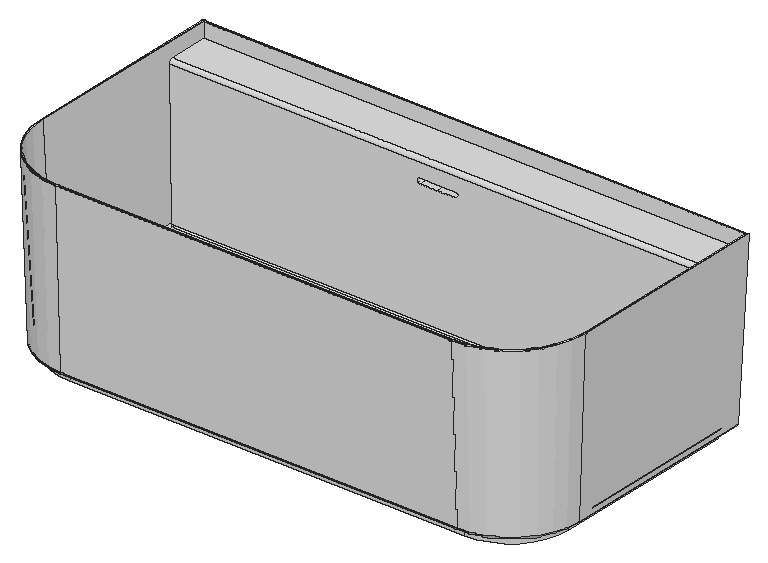
Revit family "Reece_Bath_LAUFEN_Sonar_Back to Wall Bath_1600 mm", category Plumbing Fixtures, Revit 2018
Family settings
  Round Connector Dimension = Use Diameter
  Part Type = Normal
  Work Plane-Based = Yes
  Always vertical = Yes
  Cut with Voids When Loaded = Yes
  Shared = Yes
  Room Calculation Point = Yes
Parameters (values of type "270 ltr_Sentec Solid Surface_White")
  URL = "https://www.reece.com.au/product/-9510104"
  Type Comments = "Bath"
  Reece_Product_Web Page = "https://www.reece.com.au/product/-9510104"
  Reece_Product_Type = "Bath"  # constant formula
  Reece_Product_Sub Brand = "Sonar"  # constant formula
  Reece_Product_Number = "9510104"
  Reece_Product_Mount = "Floor Mounted"
  Reece_Product_Description = "LAUFEN Sonar Freestanding Back to Wall Bath with Overflow Plug & Waste 1600 x 815 Sentec White"
  Reece_Product_Brand = "LAUFEN"  # constant formula
  Reece_Overall_Width = 815 mm  # constant formula
  Reece_Overall_Length = 1600 mm  # constant formula
  Reece_Overall_Height = 535 mm  # constant formula
  Reece_Overall_Capacity = 270 L  # constant formula
  Reece_Material_Main = Reece_Sentec_Solid_Surface_White
  Reece_Detail_Shape = ""
  Reece_Detail_Installation = ""
  Reece_Detail_Disclaimer = "THIS FILE IS THE PROPERTY OF THE REECE GROUP. IT MAY NOT BE REPRODUCED, REVERSE-ENGINEERED OR MODIFIED. ANY REPUBLICATION, TRANSMISSION OR DISTRIBUTION FOR THE PURPOSE OF COMMERCIALLY EXPLOITING THE FILES IS PROHIBITED."  # constant formula
  Reece_Detail_Connector = ""
  Reece_Detail_Additional = "Back to Wall Bath"  # constant formula
  Reece_Bath_Outlet = 52 mm  # constant formula
  Reece_Bath_Lip = 42.2 mm  # constant formula
  Model = "Sonar"
  Manufacturer = "LAUFEN"
  Keynote = "Product #9510104, Reece_Bath_LAUFEN_Sonar_Back to Wall Bath_1600 mm - 270 ltr_Sentec Solid Surface_White"
  Disclaimer = "THIS FILE IS THE PROPERTY OF THE REECE GROUP. IT MAY NOT BE REPRODUCED, REVERSE-ENGINEERED OR MODIFIED. ANY REPUBLICATION, TRANSMISSION OR DISTRIBUTION FOR THE PURPOSE OF COMMERCIALLY EXPLOITING THE FILES IS PROHIBITED."  # constant formula
  Description = "LAUFEN Sonar Back to Wall Freestanding Bath with Overflow and Plug & Waste 1600 x 815 Sentec White"
  Default Elevation = 0 mm
Reference planes
  plane 1 "Center (Front/Back)": y = 0
  plane 2 "Bottom Host Plane": z = 0
  plane 3 "Center (Left/Right)": x = 0
  plane 4: x = -800
  plane 5: y = 407.5
  plane 6: y = -407.5
  plane 7: x = 800
  plane 8: z = 492.8
  plane 9 "Top Host Plane": z = 535
  plane 10: y = 272.5
  plane 11: x = -760
  plane 12: x = 760
  plane 13: z = 75
  plane 14: y = 127.5
  plane 15: y = -368.895
  plane 16: y = 246.105
Forms (mm)
  Sweep 1, solid, material "Reece_Sentec_Solid_Surface_White" <- "Reece_Material_Main"
    path origin (0, 0, 0) x (1, 0, 0) y (0, 1, 0)
      loop
        line (-800, 407.5) -> (-800, -187.5)
        arc (-800, -187.5) -> (-735.563, -343.063) -> (-580, -407.5) r 220
        line (-580, -407.5) -> (580.872, -407.5)
        arc (580.872, -407.5) -> (735.819, -343.319) -> (800, -188.372) r 219.128
        line (800, -188.372) -> (800, 407.5) -> (-800, 407.5)
    profile origin (-800, 110, 0) x (1, 0, 0) y (0, 0, 1)
      loop
        arc (17.663, 33.838) -> (18.694, 31.223) -> (21.141, 29.84) r 4.21
        line (21.141, 29.84) -> (40, 26.524) -> (40, 75) -> (38.605, 75)
        arc (38.605, 75) -> (33.727, 77.463) -> (31.608, 82.499) r 7.915
        arc (31.608, 82.499) -> (19.623, 308.376) -> (4.466, 534.063) r 16097.381
        arc (4.466, 534.063) -> (4.145, 534.73) -> (3.457, 535) r 1.012
        line (3.457, 535) -> (1.006, 535)
        arc (1.006, 535) -> (0.252, 534.667) -> (-0.011, 533.885) r 1.022
        line (-0.011, 533.885) -> (17.663, 33.838)
  Extrusion 2, solid, material "Reece_Sentec_Solid_Surface_White" <- "Reece_Material_Main"
    sketch origin (0, 0, 0) x (0, 1, 0) y (0, 0, 1)
      loop
        arc (249.16, 79.102) -> (248.247, 76.594) -> (246.105, 75.002) r 4.649
        line (246.105, 75.002) -> (246.105, 27.774) -> (385.146, 27.774) -> (402.917, 492.8) -> (284.4, 492.8)
        arc (284.4, 492.8) -> (275.99, 489.316) -> (272.506, 480.906) r 11.894
        line (272.506, 480.906) -> (249.16, 79.102)
    from -845.44 to 864.162
  Revolve 3, void
    sketch origin (0, 0, -17.393) x (0, 1, 0) y (0, 0, 1)
      loop
        line (127.5, 17.393) -> (127.5, 92.393) -> (96.5, 92.393)
        arc (96.5, 92.393) -> (100.036, 90.929) -> (101.5, 87.393) r 5
        line (101.5, 87.393) -> (101.5, 17.393) -> (127.5, 17.393)
      axis (127.5, 92.393) -> (127.5, 17.393)
    angle from 0 to 360
  Sweep 4, solid, material "Reece_Sentec_Solid_Surface_White" <- "Reece_Material_Main"
    path origin (0, 0, 0) x (1, 0, 0) y (0, 1, 0)
      loop
        line (-760, 367.5) -> (-760, -187.5)
        arc (-760, -187.5) -> (-707.279, -314.779) -> (-580, -367.5) r 180
        line (-580, -367.5) -> (580.872, -367.5)
        arc (580.872, -367.5) -> (707.535, -315.035) -> (760, -188.372) r 179.128
        line (760, -188.372) -> (760, 367.5) -> (-760, 367.5)
    profile origin (-760, 90, 0) x (1, 0, 0) y (0, 0, 1)
      loop
        line (9.068, 0.003) -> (15, 0.003) -> (15, 27.774) -> (0, 27.774) -> (0, 26.524)
        arc (0, 26.524) -> (4.986, 24.452) -> (7.34, 19.592) r 7.604
        line (7.34, 19.592) -> (9.068, 0.003)
  Extrusion 5, solid, material "Reece_Sentec_Solid_Surface_White" <- "Reece_Material_Main"
    sketch origin (0, 0, 0) x (1, 0, 0) y (0, 1, 0)
      loop
        arc (-745, -187.5) -> (-696.673, -304.173) -> (-580, -352.5) r 165
        line (-580, -352.5) -> (580.872, -352.5)
        arc (580.872, -352.5) -> (696.928, -304.428) -> (745, -188.372) r 164.128
        line (745, -188.372) -> (745, 352.5) -> (-745, 352.5) -> (-745, -187.5)
    from 0 to 27.774
  Extrusion 6, solid, material "Reece_Sentec_Solid_Surface_White" <- "Reece_Material_Main"
    sketch origin (0, 0, 0) x (1, 0, 0) y (0, 1, 0)
      loop
        arc (-760, -187.5) -> (-707.279, -314.779) -> (-580, -367.5) r 180
        line (-580, -367.5) -> (580.872, -367.5)
        arc (580.872, -367.5) -> (707.535, -315.035) -> (760, -188.372) r 179.128
        line (760, -188.372) -> (760, 292.5) -> (-760, 292.5) -> (-760, -187.5)
    from 26.524 to 75
  Extrusion 7, void
    sketch origin (0, 0, 0) x (1, 0, 0) y (0, 0, 1)
      loop
        line (-795.604, 535) -> (-905, 535) -> (-905, 0) -> (-764.808, 0)
        arc (-764.808, 0) -> (-777.98, 267.628) -> (-795.604, 535) r 16097.381
    from -491.255 to -169.813
  Extrusion 8, void
    sketch origin (0, 0, 0) x (-1, 0, 0) y (0, 0, -1)
      loop
        arc (-795.604, -535) -> (-777.98, -267.628) -> (-764.808, 0) r 16097.381
        line (-764.808, 0) -> (-905, 0) -> (-905, -535) -> (-795.604, -535)
    from -491.255 to -169.813
  Extrusion 9, void
    sketch origin (0, 0, 0) x (1, 0, 0) y (0, 0, 1)
      loop
        line (-2.429, 427.627) -> (52.318, 427.627)
        arc (52.318, 427.627) -> (59.818, 435.127) -> (52.318, 442.627) r 7.5
        line (52.318, 442.627) -> (-2.254, 442.627) -> (-52.318, 442.627)
        arc (-52.318, 442.627) -> (-59.818, 435.127) -> (-52.318, 427.627) r 7.5
        line (-52.318, 427.627) -> (-2.429, 427.627)
    from -292.559 to -246.532
  Revolve 10, solid, material "Reece_Sentec_Solid_Surface_White" <- "Reece_Material_Main"
    sketch origin (0, 0, 0) x (0, 1, 0) y (0, 0, 1)
      loop
        line (127.5, 75) -> (142.699, 75)
        arc (142.699, 75) -> (143.427, 75.302) -> (143.729, 76.03) r 1.03
        line (143.729, 76.03) -> (143.729, 77.686)
        arc (143.729, 77.686) -> (144.028, 78.409) -> (144.75, 78.708) r 1.022
        line (144.75, 78.708) -> (162.5, 78.708) -> (162.5, 81.019)
        arc (162.5, 81.019) -> (162.261, 81.967) -> (161.602, 82.688) r 2
        arc (161.602, 82.688) -> (150.083, 88.08) -> (137.5, 89.929) r 43.734
        line (137.5, 89.929) -> (127.5, 89.929) -> (127.5, 75)
      axis (127.5, 89.929) -> (127.5, 75)
    angle from 0 to 360
  Revolve 11, solid, material "Reece_Sentec_Solid_Surface_White" <- "Reece_Material_Main"
    sketch origin (0, 0, 0) x (0, 1, 0) y (0, 0, 1)
      loop
        line (127.5, 71.913) -> (127.5, 69.314) -> (142.93, 69.314) -> (142.93, 67.619) -> (146.949, 67.619) -> (150.391, 75) -> (160.391, 75) -> (160.391, 76.445) -> (148.32, 76.445)
        arc (148.32, 76.445) -> (147.245, 76.132) -> (146.507, 75.29) r 2
        line (146.507, 75.29) -> (144.933, 71.913) -> (127.5, 71.913)
      axis (127.5, 76.445) -> (127.5, 67.619)
    angle from 0 to 360
Cuts and joins
  Revolve 3, Extrusion 9 cuts Sweep 1
  Revolve 3, Extrusion 7, Extrusion 8, Extrusion 9 cuts Extrusion 2
  Revolve 3, Extrusion 8 cuts Sweep 4
  Revolve 3, Extrusion 8 cuts Extrusion 5
  Revolve 3, Extrusion 8 cuts Extrusion 6
  joined: Sweep 1, Extrusion 2, Sweep 4, Extrusion 5, Extrusion 6
Text (mm)
  text "Reece ©" at (2643.059, -2102.993, 3270.761), in view "Reece Preview"
Dimensions and locks
  "Reece_Overall_Length": plane 4 to plane 7
  "Reece_Overall_Width": plane 5 to plane 6
  equal spacing: plane 6, plane 1 "Center (Front/Back)", plane 5
  equal spacing: plane 4, plane 3 "Center (Left/Right)", plane 7
  "Reece_Bath_Lip": plane 8 to plane 9 "Top Host Plane"
  plane 2 "Bottom Host Plane" to level = 0 mm
  "Reece_Overall_Height": plane 9 "Top Host Plane" to plane 2 "Bottom Host Plane"
  plane 7 to plane 4 = 1600 mm  (x2)
  plane 5 to plane 10 = 135 mm  (x2)
  plane 9 "Top Host Plane" to plane 13 = 460 mm  (x3)
  plane 5 to plane 14 = 280 mm  (x2)
  plane 3 "Center (Left/Right)" to plane 7 = 800 mm
  plane 11 to plane 12 = 1520 mm  (x2)
  plane 9 "Top Host Plane" to plane 2 "Bottom Host Plane" = 535 mm
  plane 5 to plane 6 = 815 mm
  plane 13 to plane 9 "Top Host Plane" = 460 mm
  plane 6 to plane 5 = 815 mm
  plane 14 to plane 5 = 280 mm
  plane 10 to plane 5 = 135 mm
  plane 16 to plane 15 = 615 mm  (x2)
  plane 15 to plane 16 = 615 mm
  plane 12 to plane 11 = 1520 mm
Automatic sketch dimensions
  Sweep 1 sketch curve to plane 4 = 0 mm
  plane 6 to Sweep 1 sketch curve = 0 mm
  Sweep 1 sketch curve to plane 7 = 0 mm
  Sweep 1 sketch curve to plane 5 = 0 mm
  plane 11 to Sweep 1 sketch curve = 180 mm
  plane 12 to Sweep 1 sketch curve = 179.128 mm
  Sweep 1 sketch curve to profile plane = 657.442 mm
  profile plane to Sweep 1 sketch curve = 16048.758 mm
  profile plane to Sweep 1 sketch curve = 0.011 mm
  Sweep 1 sketch curve to profile plane = 1.006 mm
  Sweep 1 sketch curve to Sweep 1 sketch curve = 2.45 mm
  Sweep 1 sketch curve to profile plane = 17.663 mm
  Sweep 1 sketch curve to Sweep 1 sketch curve = 3.479 mm
  Sweep 1 sketch curve to Sweep 1 sketch curve = 4.208 mm
  Sweep 1 sketch curve to profile plane = 38.605 mm
  Sweep 1 sketch curve to Sweep 1 sketch curve = 0.909 mm
  Sweep 1 sketch curve to Sweep 1 sketch curve = 18.859 mm
  profile plane to Sweep 1 sketch curve = 26.524 mm
  Sweep 1 sketch curve to Sweep 1 sketch curve = 3.316 mm
  Sweep 1 sketch curve to Sweep 1 sketch curve = 3.998 mm
  Sweep 1 sketch curve to Sweep 1 sketch curve = 41.013 mm
  Sweep 1 sketch curve to Sweep 1 sketch curve = 7.863 mm
  Sweep 1 sketch curve to Sweep 1 sketch curve = 451.386 mm
  Sweep 1 sketch curve to Sweep 1 sketch curve = 0.094 mm
  Sweep 1 sketch curve to Sweep 1 sketch curve = 1.012 mm
  Sweep 1 sketch curve to Sweep 1 sketch curve = 0 mm
  Revolve 3 sketch curve to level = 0 mm
  Revolve 3 sketch curve to plane 14 = 0 mm  (x2)
  Revolve 3 sketch curve to Revolve 3 sketch curve = 26 mm
  Revolve 3 sketch curve to Revolve 3 sketch curve = 5 mm
  Revolve 3 sketch curve to plane 13 = 5 mm
  Revolve 3 sketch curve to level = 21.344 mm
  Revolve 3 sketch curve to Revolve 3 sketch curve = 33.656 mm
  Sweep 4 sketch curve to plane 11 = 0 mm
  Sweep 4 sketch curve to plane 12 = 0 mm
  Sweep 4 sketch curve to Sweep 4 sketch curve = 180 mm
  Sweep 4 sketch curve to Sweep 4 sketch curve = 179.128 mm
  Sweep 4 sketch curve to plane 6 = 40 mm
  Sweep 4 sketch curve to plane 5 = 40 mm
  profile plane to Sweep 4 sketch curve = 0 mm
  profile plane to Sweep 4 sketch curve = 0.235 mm
  Sweep 4 sketch curve to profile plane = 7.34 mm
  profile plane to Sweep 4 sketch curve = 0.003 mm
  Sweep 4 sketch curve to profile plane = 9.068 mm
  Sweep 4 sketch curve to Sweep 4 sketch curve = 5.932 mm
  profile plane to Sweep 4 sketch curve = 18.924 mm
  Sweep 4 sketch curve to Sweep 4 sketch curve = 0.668 mm
  Sweep 4 sketch curve to Sweep 4 sketch curve = 1.25 mm
  plane 11 to Extrusion 5 sketch curve = 15 mm
  Extrusion 5 sketch curve to Extrusion 5 sketch curve = 165 mm
  Extrusion 5 sketch curve to plane 6 = 55 mm
  plane 12 to Extrusion 5 sketch curve = 179.128 mm
  plane 12 to Extrusion 5 sketch curve = 15 mm
  Extrusion 5 sketch curve to plane 5 = 55 mm
  Extrusion 6 sketch curve to plane 11 = 0 mm
  Extrusion 6 sketch curve to plane 12 = 0 mm
  Extrusion 6 sketch curve to Extrusion 6 sketch curve = 180 mm
  Extrusion 6 sketch curve to plane 6 = 40 mm
  plane 12 to Extrusion 6 sketch curve = 179.128 mm
  plane 10 to Extrusion 6 sketch curve = 20 mm
  Extrusion 7 sketch curve to plane 9 "Top Host Plane" = 0 mm
  Extrusion 7 sketch curve to level = 0 mm
  Extrusion 7 sketch curve to level = 657.442 mm
  Extrusion 7 sketch curve to plane 4 = 16048.758 mm
  Extrusion 7 sketch curve to plane 4 = 105 mm
  plane 4 to Extrusion 7 sketch curve = 4.396 mm
  Extrusion 8 sketch curve to plane 9 "Top Host Plane" = 0 mm
  Extrusion 8 sketch curve to level = 0 mm
  level to Extrusion 8 sketch curve = 657.442 mm
  plane 7 to Extrusion 8 sketch curve = 16048.758 mm
  plane 7 to Extrusion 8 sketch curve = 105 mm
  Extrusion 8 sketch curve to plane 7 = 4.396 mm
  Extrusion 9 sketch curve to plane 3 "Center (Left/Right)" = 52.318 mm
  Extrusion 9 sketch curve to plane 3 "Center (Left/Right)" = 2.429 mm
  Extrusion 9 sketch curve to plane 3 "Center (Left/Right)" = 2.254 mm
  plane 3 "Center (Left/Right)" to Extrusion 9 sketch curve = 52.318 mm
  Extrusion 9 sketch curve to plane 8 = 65.173 mm
  Extrusion 9 sketch curve to Extrusion 9 sketch curve = 7.5 mm
  Extrusion 2 sketch curve to plane 16 = 0 mm
  Extrusion 2 sketch curve to plane 8 = 0 mm
  Extrusion 2 sketch curve to plane 16 = 1.586 mm
  plane 16 to Extrusion 2 sketch curve = 3.055 mm
  plane 10 to Extrusion 2 sketch curve = 11.9 mm
  Extrusion 2 sketch curve to plane 5 = 22.354 mm
  Extrusion 2 sketch curve to plane 5 = 4.583 mm
  Extrusion 2 sketch curve to Extrusion 2 sketch curve = 11.894 mm
  plane 13 to Extrusion 2 sketch curve = 4.372 mm
  plane 13 to Extrusion 2 sketch curve = 4.102 mm
  level to Extrusion 2 sketch curve = 27.774 mm
  plane 10 to Extrusion 2 sketch curve = 0.006 mm
  Revolve 11 sketch curve to plane 14 = 0 mm  (x2)
  Revolve 11 sketch curve to plane 13 = 0 mm
  Revolve 11 sketch curve to plane 13 = 3.087 mm
  Revolve 11 sketch curve to Revolve 11 sketch curve = 2.003 mm
  plane 13 to Revolve 11 sketch curve = 0.29 mm
  Revolve 11 sketch curve to plane 13 = 7.381 mm
  Revolve 11 sketch curve to Revolve 11 sketch curve = 4.018 mm
  plane 13 to Revolve 11 sketch curve = 1.445 mm
  Revolve 11 sketch curve to Revolve 11 sketch curve = 1.813 mm
  Revolve 11 sketch curve to Revolve 11 sketch curve = 2.071 mm
  Revolve 11 sketch curve to Revolve 11 sketch curve = 10 mm
  Revolve 11 sketch curve to Revolve 11 sketch curve = 2.6 mm
  Revolve 11 sketch curve to plane 14 = 15.43 mm
  Revolve 11 sketch curve to Revolve 11 sketch curve = 1.575 mm
  level to Revolve 11 sketch curve = 30.213 mm
  plane 13 to Revolve 11 sketch curve = 25.213 mm
  Revolve 10 sketch curve to plane 14 = 0 mm  (x2)
  Revolve 10 sketch curve to plane 13 = 0 mm
  Revolve 10 sketch curve to plane 14 = 10 mm
  Revolve 10 sketch curve to plane 14 = 15.199 mm
  Revolve 10 sketch curve to Revolve 10 sketch curve = 1.03 mm
  Revolve 10 sketch curve to Revolve 10 sketch curve = 1.022 mm
  plane 13 to Revolve 10 sketch curve = 6.019 mm
  Revolve 10 sketch curve to Revolve 10 sketch curve = 2 mm
  Revolve 10 sketch curve to Revolve 10 sketch curve = 1.657 mm
  Revolve 10 sketch curve to Revolve 10 sketch curve = 14.929 mm
  Revolve 10 sketch curve to Revolve 10 sketch curve = 0.898 mm
  Revolve 10 sketch curve to Revolve 10 sketch curve = 0 mm
  Revolve 10 sketch curve to Revolve 10 sketch curve = 15.981 mm
  Revolve 10 sketch curve to Revolve 10 sketch curve = 10.284 mm
Connectors
  piping at (0, 127.5, 75), diameter 52, driven by "Reece_Bath_Outlet"
    settings: on cut or joined group of Sweep 1, Extrusion 2, Revolve 3, Sweep 4, Extrusion 5, Extrusion 6, Extrusion 7, Extrusion 8, Extrusion 9, index 1, connector inside diameter 609.6 mm, connector length 0 mm, flow factor 0, pipe flow 0.0 L/s, pressure drop 0.0 Pa, fitting loss kfactor 0, connector angle 0.00°, fixture units 0, engagement length 0 mm, angle of deflection 0.00°, flow configuration 0, flow direction 2, fitting loss method 0, system type 16, joint type 0, gender type 0, connector reference index -1, connector utility 0, adjustable connector no, is connector primary yes, connector description ""
